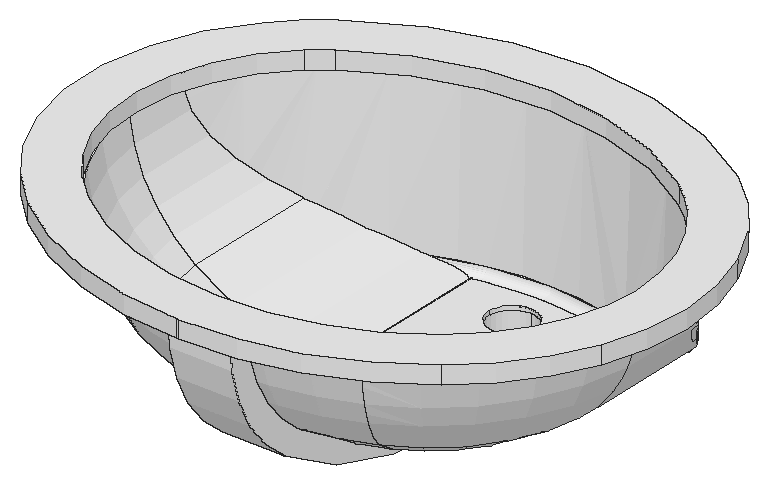
Revit family "Plumbing-Lavatories-Sloan-Valve-SS3001_", category Plumbing Fixtures, host Face, Revit 2019
Family settings
  Host = Face
  Round Connector Dimension = Use Diameter
  Part Type = Normal
  OmniClass Number = 23.45.05.14.14
  OmniClass Title = Sinks/Lavatories
  Cut with Voids When Loaded = Yes
  Shared = No
  Room Calculation Point = No
Parameters (values of type "SS-3001")
  Width = 19 1/2"  # constant formula
  Water Flow = 0 GPM
  WFU = 2
  Valve Pressure Drop = 0.00 psi
  URL = "www.sloanvalve.com"
  Sanitary Drain Connector Description = "Sanitary Drain Connector d1 1/4\""
  Sanitary Drain Connection Diameter = 1 1/4"  # constant formula
  Product data url = "https://bimobject.com/sloan_valve/product/ss-3001"
  Product Material = Sloan Valve - Vitreous China - White
  Product Guid = ""
  Part Number = "3873001"
  Model = "SS-3001"
  Manufacturer = "Sloan Valve"  # constant formula
  Keynote = "10000"
  Installation Offset from Top [instance] = 1"
  Hot Water Connector Description = "Hot Water Connector d3/8\""
  Hot Water Connection Diameter = 3/8"  # constant formula
  Height = 7 1/2"  # constant formula
  HWFU = 1.5
  Edition number = 1
  Description = "Vitreous China Undermount Lavatory."
  Depth = 16 1/2"  # constant formula
  Default Elevation = 0"
  Cold Water Connector Description = "Cold Water Connector d3/8\""
  Cold Water Connection Diameter = 3/8"  # constant formula
  CWFU = 1.5
  Assembly Code = "D2010400"
  ADA Compliant [instance] = 1 = 1  # yes
Types (4): name | Product Material | Part Number | Model | Description
  (no name) | Sloan Valve - Vitreous China - White | "3873001" | "SS-3001" | "Vitreous China Undermount Lavatory."
  SS-3001-CO | Sloan Valve - Vitreous China - White | "3873001T" | "SS-3001-CO" | "Carbon Offset, Vitreous China Undermount Lavatory"
  SS-3001-STG | Sloan Valve - Vitreous China - SloanTec Glaze White | "3873071" | "SS-3001-STG" | "Vitreous China Undermount Lavatory with SloanTec® Glaze."
  SS-3001 | Sloan Valve - Vitreous China - White | "3873001" | "SS-3001" | "Vitreous China Undermount Lavatory."
Reference planes (in)
  plane 1 "Center (Front/Back)": y = 0
  plane 2: z = 0
  plane 3 "Center (Left/Right)": x = 0
  plane 4: z = -7.08645
  plane 5: z = -7.08645
  plane 6: z = -6.08645
  plane 7: z = -6.08645
  plane 8: z = -1
  plane 9: z = 0
Forms (in)
  Extrusion 1, void
    sketch origin (0, 0, 0) x (1, 0, 0) y (0, 1, 0)
      loop
        arc (-5.59503, 4.90594) -> (-5.90096, 4.67406) -> (-6.19218, 4.42394) r 6.28796
        arc (-6.19218, 4.42394) -> (-8.10073, 0.72744) -> (-7.14649, -3.32177) r 6
        arc (-7.14649, -3.32177) -> (-6.50696, -4.14113) -> (-5.74892, -4.85227) r 6.73149
        arc (-5.74892, -4.85227) -> (-3.06382, -6.33084) -> (-0.03653, -6.81201) r 8.91065
        arc (-0.03653, -6.81201) -> (2.99075, -6.33084) -> (5.67586, -4.85227) r 8.91065
        arc (5.67586, -4.85227) -> (6.52473, -4.03961) -> (7.21933, -3.09171) r 6.73149
        arc (7.21933, -3.09171) -> (8.05711, 0.55416) -> (6.55779, 3.98145) r 5.96185
        arc (6.55779, 3.98145) -> (6.06547, 4.47237) -> (5.52196, 4.90594) r 6.28796
        arc (5.52196, 4.90594) -> (-0.03653, 6.68046) -> (-5.59503, 4.90594) r 9.59294
    from -1 to 27.28026
  Extrusion 2, void
    sketch origin (0, 0, 0) x (1, 0, 0) y (0, 1, 0)
      loop
        arc (9.08103, 2.86574) -> (7.97739, 4.69996) -> (6.41852, 6.16702) r 7.83527
        arc (6.41852, 6.16702) -> (-0.03653, 8.22777) -> (-6.49159, 6.16702) r 11.14025
        arc (-6.49159, 6.16702) -> (-7.22772, 5.57368) -> (-7.88701, 4.896) r 7.83527
        arc (-7.88701, 4.896) -> (-9.67687, 0.65513) -> (-8.65238, -3.83252) r 7.5
        arc (-8.65238, -3.83252) -> (-7.78481, -5.03269) -> (-6.71729, -6.0591) r 8.27879
        arc (-6.71729, -6.0591) -> (-3.57707, -7.79058) -> (-0.03653, -8.35947) r 10.45796
        arc (-0.03653, -8.35947) -> (3.504, -7.79058) -> (6.64422, -6.0591) r 10.45796
        arc (6.64422, -6.0591) -> (8.10431, -4.54489) -> (9.13565, -2.71159) r 8.27879
        arc (9.13565, -2.71159) -> (9.66615, 0.08254) -> (9.08103, 2.86574) r 7.25
    from -24 to -1
  Sweep 3, solid, material "Sloan Valve - Vitreous China - White" <- "Product Material"
    path origin (-0.03653, 8.14053, -1) x (1, 0, 0) y (0, 1, 0)
      loop
        line (9.75, -1.5) -> (9.75, -8.29447)
        arc (9.75, -8.29447) -> (8.17902, -12.56362) -> (4.70463, -15.5) r 8.90575
        arc (4.70463, -15.5) -> (2.42848, -16.27274) -> (0.03558, -16.50081) r 10.37283
        arc (0.03558, -16.50081) -> (0, -16.50044) -> (-0.03558, -16.50081) r 1.68637
        arc (-0.03558, -16.50081) -> (-2.42848, -16.27274) -> (-4.70463, -15.5) r 10.37283
        arc (-4.70463, -15.5) -> (-8.17902, -12.56362) -> (-9.75, -8.29447) r 8.90575
        line (-9.75, -8.29447) -> (-9.75, -1.5)
    profile origin (-0.00095, -8.36028, -1) x (0.0211, 0.999777, 0) y (0, 0, 1)
      loop
        arc (1.42147, -0.57039) -> (2.06271, -2.69479) -> (3.52131, -4.36712) r 5.27196
        arc (3.52131, -4.36712) -> (5.44859, -5.47297) -> (7.58423, -6.08645) r 9.23504
        line (7.58423, -6.08645) -> (7.58423, -5.95983)
        arc (7.58423, -5.95983) -> (5.48807, -5.35394) -> (3.59611, -4.26697) r 9.11004
        arc (3.59611, -4.26697) -> (2.17455, -2.63873) -> (1.54689, -0.57039) r 5.14696
        line (1.54689, -0.57039) -> (1.42147, -0.57039)
  Sweep 4, solid, material "Sloan Valve - Vitreous China - White" <- "Product Material"
    path origin (-0.03653, 8.14053, -1) x (1, 0, 0) y (0, 1, 0)
      loop
        arc (-9.75, -6.40266) -> (0, 0) -> (9.75, -6.40266) r 10.625
    profile origin (-0.03653, 8.14053, -1) x (0, 1, 0) y (0, 0, 1)
      loop
        line (-1.10258, -0.57039) -> (-1.22765, -0.57039) -> (-1.40633, -5.68711)
        arc (-1.40633, -5.68711) -> (-1.50065, -5.88233) -> (-1.70251, -5.96145) r 0.29705
        line (-1.70251, -5.96145) -> (-1.70251, -6.08645)
        arc (-1.70251, -6.08645) -> (-1.41467, -5.97307) -> (-1.28149, -5.69385) r 0.42205
        line (-1.28149, -5.69385) -> (-1.10258, -0.57039)
  Sweep 5, void
    path origin (-0.03653, 8.14053, -1) x (1, 0, 0) y (0, 1, 0)
      loop
        arc (-9.75, -6.40266) -> (0, 0) -> (9.75, -6.40266) r 10.625
    profile origin (-0.03653, 8.14053, -1) x (0, 1, 0) y (0, 0, 1)
      loop
        line (-1.10258, -0.57039) -> (-1.28149, -5.69385)
        arc (-1.28149, -5.69385) -> (-1.41467, -5.97307) -> (-1.70251, -6.08645) r 0.42205
        line (-1.70251, -6.08645) -> (1.70663, -6.08645) -> (1.89925, -0.57039) -> (-1.10258, -0.57039)
  Sweep 6, void
    path origin (-0.03653, 8.14053, -1) x (1, 0, 0) y (0, 1, 0)
      loop
        line (-9.75, -8.29447) -> (-9.75, -1.5)
    profile origin (-9.78653, -0.15393, -1) x (-1, 0, 0) y (0, 0, 1)
      loop
        arc (-1.42147, -0.57039) -> (-2.06271, -2.69479) -> (-3.52131, -4.36712) r 5.27196
        arc (-3.52131, -4.36712) -> (-5.44859, -5.47297) -> (-7.58423, -6.08645) r 9.23504
        line (-7.58423, -6.08645) -> (-0.96131, -6.08645) -> (-0.96131, -0.57039) -> (-1.42147, -0.57039)
  Sweep 7, void
    path origin (-0.03653, 8.14053, -1) x (-1, 0, 0) y (0, 1, 0)
      loop
        line (-9.75, -8.29447) -> (-9.75, -1.5)
    profile origin (9.71347, -0.15393, -1) x (-1, 0, 0) y (0, 0, 1)
      loop
        line (1.42147, -0.57039) -> (0.96131, -0.57039) -> (0.96131, -6.08645) -> (7.58423, -6.08645)
        arc (7.58423, -6.08645) -> (5.44859, -5.47297) -> (3.52131, -4.36712) r 9.23504
        arc (3.52131, -4.36712) -> (2.06271, -2.69479) -> (1.42147, -0.57039) r 5.27196
  Extrusion 8, solid, material "Sloan Valve - Vitreous China - White" <- "Product Material"
    sketch origin (-0.03653, 8.14053, -1) x (1, 0, 0) y (0, 1, 0)
      loop
        arc (0, -8.90726) -> (0.74276, -8.8758) -> (1.45082, -8.64921) r 2.7886
        arc (1.45082, -8.64921) -> (1.90608, -8.29303) -> (2.16577, -7.7766) r 1.32152
        line (2.16577, -7.7766) -> (2.16577, -1.96935)
        arc (2.16577, -1.96935) -> (0, -1.70251) -> (-2.16577, -1.96935) r 8.92249
        line (-2.16577, -1.96935) -> (-2.16577, -7.7766)
        arc (-2.16577, -7.7766) -> (-1.90608, -8.29303) -> (-1.45082, -8.64921) r 1.32152
        arc (-1.45082, -8.64921) -> (-0.74276, -8.8758) -> (0, -8.90726) r 2.7886
      loop
        circle (0, -3) r 0.75
    from -6.08645 to -5.95983
  Revolve 9, solid, material "Sloan Valve - Vitreous China - White" <- "Product Material"
    sketch origin (-0.03653, 8.14053, -1) x (0, 1, 0) y (0, 0, 1)
      loop
        line (-2.25, -7.5) -> (-1.9332, -7.5)
        arc (-1.9332, -7.5) -> (-1.80366, -7.44634) -> (-1.75, -7.3168) r 0.1832
        line (-1.75, -7.3168) -> (-1.75, -6.08645) -> (-2.25, -6.08645) -> (-2.25, -7.5)
      axis (-3, -6.08645) -> (-3, -7.5)
    angle from 0 to 360
  Extrusion 10, solid, material "Sloan Valve - Vitreous China - White" <- "Product Material"
    sketch origin (-1.03653, 8.14053, -1) x (0, 1, 0) y (0, 0, 1)
      loop
        arc (-8.96145, -6.02395) -> (-10.55167, -5.58158) -> (-12.04661, -4.88181) r 9.92648
        arc (-12.04661, -4.88181) -> (-12.09415, -4.85559) -> (-12.14257, -4.83102) r 1.58289
        arc (-12.14257, -4.83102) -> (-14.14174, -3.08642) -> (-14.98429, -0.57039) r 5.06398
        line (-14.98429, -0.57039) -> (-15.65847, -0.57039)
        arc (-15.65847, -0.57039) -> (-15.09549, -3.05023) -> (-13.42572, -4.96815) r 5.20962
        arc (-13.42572, -4.96815) -> (-11.33268, -6.12459) -> (-9.04718, -6.82788) r 11.61449
        arc (-9.04718, -6.82788) -> (-9.00405, -6.83521) -> (-8.9606, -6.8402) r 0.80917
        line (-8.9606, -6.8402) -> (-4.06667, -7.26836) -> (-4.06667, -6.02395) -> (-8.96145, -6.02395)
    from 0 to 2
  Extrusion 11, solid, material "Sloan Valve - Vitreous China - White" <- "Product Material"
    sketch origin (-0.03653, 8.14053, -1) x (1, 0, 0) y (0, 1, 0)
      loop
        arc (-6.45506, -1.97351) -> (-7.19118, -2.56685) -> (-7.85048, -3.24453) r 7.83527
        arc (-7.85048, -3.24453) -> (-9.64033, -7.4854) -> (-8.61585, -11.97305) r 7.5
        arc (-8.61585, -11.97305) -> (-7.74827, -13.17323) -> (-6.68076, -14.19963) r 8.27879
        arc (-6.68076, -14.19963) -> (-3.5578, -15.92515) -> (-0.03653, -16.50041) r 10.45796
        arc (-0.03653, -16.50041) -> (0, -16.50024) -> (0.03653, -16.50041) r 3.85074
        arc (0.03653, -16.50041) -> (3.5578, -15.92515) -> (6.68076, -14.19963) r 10.45796
        arc (6.68076, -14.19963) -> (8.14084, -12.68542) -> (9.17219, -10.85212) r 8.27879
        arc (9.17219, -10.85212) -> (9.70268, -8.05799) -> (9.11757, -5.27479) r 7.25
        arc (9.11757, -5.27479) -> (8.01393, -3.44057) -> (6.45506, -1.97351) r 7.83527
        arc (6.45506, -1.97351) -> (0, 0.08724) -> (-6.45506, -1.97351) r 11.14025
      loop
        arc (-6.15564, -3.71659) -> (-8.0642, -7.41309) -> (-7.10995, -11.4623) r 6
        arc (-7.10995, -11.4623) -> (-6.47043, -12.28166) -> (-5.71239, -12.9928) r 6.73149
        arc (-5.71239, -12.9928) -> (-3.04447, -14.46546) -> (-0.03635, -14.95302) r 8.91065
        arc (-0.03635, -14.95302) -> (0, -14.95281) -> (0.03635, -14.95302) r 3.25854
        arc (0.03635, -14.95302) -> (3.04447, -14.46546) -> (5.71239, -12.9928) r 8.91065
        arc (5.71239, -12.9928) -> (6.56126, -12.18015) -> (7.25587, -11.23224) r 6.73149
        arc (7.25587, -11.23224) -> (8.09365, -7.58637) -> (6.59432, -4.15908) r 5.96185
        arc (6.59432, -4.15908) -> (6.102, -3.66816) -> (5.55849, -3.23459) r 6.28796
        arc (5.55849, -3.23459) -> (0, -1.46007) -> (-5.55849, -3.23459) r 9.59294
        arc (-5.55849, -3.23459) -> (-5.86443, -3.46648) -> (-6.15564, -3.71659) r 6.28796
    from -0.57039 to 0
  Sweep 12, solid, material "Sloan Valve - Vitreous China - White" <- "Product Material", not visible
    path origin (-0.03653, 8.14053, 0) x (1, 0, 0) y (0, 1, 0)
      loop
        line (9.75, -1.5) -> (9.75, -8.29447)
        arc (9.75, -8.29447) -> (8.17902, -12.56362) -> (4.70463, -15.5) r 8.90575
        arc (4.70463, -15.5) -> (2.42848, -16.27274) -> (0.03558, -16.50081) r 10.37283
        arc (0.03558, -16.50081) -> (0, -16.50044) -> (-0.03558, -16.50081) r 1.68637
        arc (-0.03558, -16.50081) -> (-2.42848, -16.27274) -> (-4.70463, -15.5) r 10.37283
        arc (-4.70463, -15.5) -> (-8.17902, -12.56362) -> (-9.75, -8.29447) r 8.90575
        line (-9.75, -8.29447) -> (-9.75, -1.5)
    profile origin (-0.00095, -8.36028, 0) x (0.0211, 0.999777, 0) y (0, 0, 1)
      loop
        arc (1.42147, -0.57039) -> (2.06271, -2.69479) -> (3.52131, -4.36712) r 5.27196
        arc (3.52131, -4.36712) -> (5.44859, -5.47297) -> (7.58423, -6.08645) r 9.23504
        line (7.58423, -6.08645) -> (7.58423, -5.95983)
        arc (7.58423, -5.95983) -> (5.48807, -5.35394) -> (3.59611, -4.26697) r 9.11004
        arc (3.59611, -4.26697) -> (2.17455, -2.63873) -> (1.54689, -0.57039) r 5.14696
        line (1.54689, -0.57039) -> (1.42147, -0.57039)
  Sweep 13, solid, material "Sloan Valve - Vitreous China - White" <- "Product Material", not visible
    path origin (-0.03653, 8.14053, 0) x (1, 0, 0) y (0, 1, 0)
      loop
        arc (-9.75, -6.40266) -> (0, 0) -> (9.75, -6.40266) r 10.625
    profile origin (-0.03653, 8.14053, 0) x (0, 1, 0) y (0, 0, 1)
      loop
        line (-1.10258, -0.57039) -> (-1.22765, -0.57039) -> (-1.40633, -5.68711)
        arc (-1.40633, -5.68711) -> (-1.50065, -5.88233) -> (-1.70251, -5.96145) r 0.29705
        line (-1.70251, -5.96145) -> (-1.70251, -6.08645)
        arc (-1.70251, -6.08645) -> (-1.41467, -5.97307) -> (-1.28149, -5.69385) r 0.42205
        line (-1.28149, -5.69385) -> (-1.10258, -0.57039)
  Sweep 14, void, not visible
    path origin (-0.03653, 8.14053, 0) x (1, 0, 0) y (0, 1, 0)
      loop
        arc (-9.75, -6.40266) -> (0, 0) -> (9.75, -6.40266) r 10.625
    profile origin (-0.03653, 8.14053, 0) x (0, 1, 0) y (0, 0, 1)
      loop
        line (-1.10258, -0.57039) -> (-1.28149, -5.69385)
        arc (-1.28149, -5.69385) -> (-1.41467, -5.97307) -> (-1.70251, -6.08645) r 0.42205
        line (-1.70251, -6.08645) -> (1.70663, -6.08645) -> (1.89925, -0.57039) -> (-1.10258, -0.57039)
  Sweep 15, void, not visible
    path origin (-0.03653, 8.14053, 0) x (1, 0, 0) y (0, 1, 0)
      loop
        line (-9.75, -8.29447) -> (-9.75, -1.5)
    profile origin (-9.78653, -0.15393, 0) x (-1, 0, 0) y (0, 0, 1)
      loop
        arc (-1.42147, -0.57039) -> (-2.06271, -2.69479) -> (-3.52131, -4.36712) r 5.27196
        arc (-3.52131, -4.36712) -> (-5.44859, -5.47297) -> (-7.58423, -6.08645) r 9.23504
        line (-7.58423, -6.08645) -> (-0.96131, -6.08645) -> (-0.96131, -0.57039) -> (-1.42147, -0.57039)
  Sweep 16, void, not visible
    path origin (-0.03653, 8.14053, 0) x (-1, 0, 0) y (0, 1, 0)
      loop
        line (-9.75, -8.29447) -> (-9.75, -1.5)
    profile origin (9.71347, -0.15393, 0) x (-1, 0, 0) y (0, 0, 1)
      loop
        line (1.42147, -0.57039) -> (0.96131, -0.57039) -> (0.96131, -6.08645) -> (7.58423, -6.08645)
        arc (7.58423, -6.08645) -> (5.44859, -5.47297) -> (3.52131, -4.36712) r 9.23504
        arc (3.52131, -4.36712) -> (2.06271, -2.69479) -> (1.42147, -0.57039) r 5.27196
  Extrusion 17, solid, material "Sloan Valve - Vitreous China - White" <- "Product Material", not visible
    sketch origin (-0.03653, 8.14053, 0) x (1, 0, 0) y (0, 1, 0)
      loop
        arc (0, -8.90726) -> (0.74276, -8.8758) -> (1.45082, -8.64921) r 2.7886
        arc (1.45082, -8.64921) -> (1.90608, -8.29303) -> (2.16577, -7.7766) r 1.32152
        line (2.16577, -7.7766) -> (2.16577, -1.96935)
        arc (2.16577, -1.96935) -> (0, -1.70251) -> (-2.16577, -1.96935) r 8.92249
        line (-2.16577, -1.96935) -> (-2.16577, -7.7766)
        arc (-2.16577, -7.7766) -> (-1.90608, -8.29303) -> (-1.45082, -8.64921) r 1.32152
        arc (-1.45082, -8.64921) -> (-0.74276, -8.8758) -> (0, -8.90726) r 2.7886
      loop
        circle (0, -3) r 0.75
    from -6.08645 to -5.95983
  Revolve 18, solid, material "Sloan Valve - Vitreous China - White" <- "Product Material", not visible
    sketch origin (-0.03653, 8.14053, 0) x (0, 1, 0) y (0, 0, 1)
      loop
        line (-2.25, -7.5) -> (-1.9332, -7.5)
        arc (-1.9332, -7.5) -> (-1.80366, -7.44634) -> (-1.75, -7.3168) r 0.1832
        line (-1.75, -7.3168) -> (-1.75, -6.08645) -> (-2.25, -6.08645) -> (-2.25, -7.5)
      axis (-3, -6.08645) -> (-3, -7.5)
    angle from 0 to 360
  Extrusion 19, solid, material "Sloan Valve - Vitreous China - White" <- "Product Material", not visible
    sketch origin (-1.03653, 8.14053, 0) x (0, 1, 0) y (0, 0, 1)
      loop
        arc (-8.96145, -6.02395) -> (-10.55167, -5.58158) -> (-12.04661, -4.88181) r 9.92648
        arc (-12.04661, -4.88181) -> (-12.09415, -4.85559) -> (-12.14257, -4.83102) r 1.58289
        arc (-12.14257, -4.83102) -> (-14.14174, -3.08642) -> (-14.98429, -0.57039) r 5.06398
        line (-14.98429, -0.57039) -> (-15.65847, -0.57039)
        arc (-15.65847, -0.57039) -> (-15.09549, -3.05023) -> (-13.42572, -4.96815) r 5.20962
        arc (-13.42572, -4.96815) -> (-11.33268, -6.12459) -> (-9.04718, -6.82788) r 11.61449
        arc (-9.04718, -6.82788) -> (-9.00405, -6.83521) -> (-8.9606, -6.8402) r 0.80917
        line (-8.9606, -6.8402) -> (-4.06667, -7.26836) -> (-4.06667, -6.02395) -> (-8.96145, -6.02395)
    from 0 to 2
  Extrusion 20, solid, material "Sloan Valve - Vitreous China - White" <- "Product Material", not visible
    sketch origin (-0.03653, 8.14053, 0) x (1, 0, 0) y (0, 1, 0)
      loop
        arc (-6.45506, -1.97351) -> (-7.19118, -2.56685) -> (-7.85048, -3.24453) r 7.83527
        arc (-7.85048, -3.24453) -> (-9.64033, -7.4854) -> (-8.61585, -11.97305) r 7.5
        arc (-8.61585, -11.97305) -> (-7.74827, -13.17323) -> (-6.68076, -14.19963) r 8.27879
        arc (-6.68076, -14.19963) -> (-3.5578, -15.92515) -> (-0.03653, -16.50041) r 10.45796
        arc (-0.03653, -16.50041) -> (0, -16.50024) -> (0.03653, -16.50041) r 3.85074
        arc (0.03653, -16.50041) -> (3.5578, -15.92515) -> (6.68076, -14.19963) r 10.45796
        arc (6.68076, -14.19963) -> (8.14084, -12.68542) -> (9.17219, -10.85212) r 8.27879
        arc (9.17219, -10.85212) -> (9.70268, -8.05799) -> (9.11757, -5.27479) r 7.25
        arc (9.11757, -5.27479) -> (8.01393, -3.44057) -> (6.45506, -1.97351) r 7.83527
        arc (6.45506, -1.97351) -> (0, 0.08724) -> (-6.45506, -1.97351) r 11.14025
      loop
        arc (-6.15564, -3.71659) -> (-8.0642, -7.41309) -> (-7.10995, -11.4623) r 6
        arc (-7.10995, -11.4623) -> (-6.47043, -12.28166) -> (-5.71239, -12.9928) r 6.73149
        arc (-5.71239, -12.9928) -> (-3.04447, -14.46546) -> (-0.03635, -14.95302) r 8.91065
        arc (-0.03635, -14.95302) -> (0, -14.95281) -> (0.03635, -14.95302) r 3.25854
        arc (0.03635, -14.95302) -> (3.04447, -14.46546) -> (5.71239, -12.9928) r 8.91065
        arc (5.71239, -12.9928) -> (6.56126, -12.18015) -> (7.25587, -11.23224) r 6.73149
        arc (7.25587, -11.23224) -> (8.09365, -7.58637) -> (6.59432, -4.15908) r 5.96185
        arc (6.59432, -4.15908) -> (6.102, -3.66816) -> (5.55849, -3.23459) r 6.28796
        arc (5.55849, -3.23459) -> (0, -1.46007) -> (-5.55849, -3.23459) r 9.59294
        arc (-5.55849, -3.23459) -> (-5.86443, -3.46648) -> (-6.15564, -3.71659) r 6.28796
    from -0.57039 to 0
  Extrusion 21, solid, material "Sloan Valve - Vitreous China - White" <- "Product Material", not visible
    sketch origin (0.00099, 12.0625, 0.00028) x (1, 0, 0) y (0, 0, 1)
      loop
        circle (0, -12.75) r 0.625
      loop
        circle (-3.87663, -10.99523) r 0.1875
      loop
        circle (4, -11) r 0.1875
    from 0 to 0.0625
Cuts and joins
  Sweep 5 cuts Sweep 3
  Sweep 5, Sweep 6, Sweep 7 cuts Sweep 4
  Sweep 5 cuts Extrusion 11
Lines and regions (in)
  Masking region 1
    outline origin (0, 0, 0) x (1, 0, 0) y (0, 1, 0)
      loop
        arc (9.08133, 2.86526) -> (7.9777, 4.69948) -> (6.41882, 6.16654) r 7.83527
        arc (6.41882, 6.16654) -> (-0.03623, 8.22729) -> (-6.49129, 6.16654) r 11.14025
        arc (-6.49129, 6.16654) -> (-7.22742, 5.5732) -> (-7.88671, 4.89552) r 7.83527
        arc (-7.88671, 4.89552) -> (-9.67657, 0.65465) -> (-8.65208, -3.833) r 7.5
        arc (-8.65208, -3.833) -> (-7.78451, -5.03317) -> (-6.71699, -6.05958) r 8.27879
        arc (-6.71699, -6.05958) -> (-3.57677, -7.79106) -> (-0.03623, -8.35995) r 10.45796
        arc (-0.03623, -8.35995) -> (3.5043, -7.79106) -> (6.64452, -6.05958) r 10.45796
        arc (6.64452, -6.05958) -> (8.10461, -4.54537) -> (9.13595, -2.71207) r 8.27879
        arc (9.13595, -2.71207) -> (9.66645, 0.08206) -> (9.08133, 2.86526) r 7.25
  symbolic lines, detail levels fine
    curve 1: arc (-0.74557, 5.14164, 0) -> (0.00443, 5.89164, 0) -> (0.75443, 5.14164, 0) r 0.75
    curve 2: arc (0.75443, 5.14164, 0) -> (0.00443, 4.39164, 0) -> (-0.74557, 5.14164, 0) r 0.75
  symbolic lines, detail levels medium+fine
    curve 3: arc (-5.59503, 4.90594, 0) -> (-0.03653, 6.68046, 0) -> (5.52196, 4.90594, 0) r 9.59294
    curve 4: arc (-6.19218, 4.42394, 0) -> (-5.90096, 4.67406, 0) -> (-5.59503, 4.90594, 0) r 6.28796
    curve 5: arc (-7.14649, -3.32177, 0) -> (-8.10073, 0.72744, 0) -> (-6.19218, 4.42394, 0) r 6
    curve 6: arc (-5.74892, -4.85227, 0) -> (-6.50696, -4.14113, 0) -> (-7.14649, -3.32177, 0) r 6.73149
    curve 7: arc (-0.03653, -6.81201, 0) -> (-3.06382, -6.33084, 0) -> (-5.74892, -4.85227, 0) r 8.91065
    curve 8: arc (5.67586, -4.85227, 0) -> (2.99075, -6.33084, 0) -> (-0.03653, -6.81201, 0) r 8.91065
    curve 9: arc (7.21933, -3.09171, 0) -> (6.52473, -4.03961, 0) -> (5.67586, -4.85227, 0) r 6.73149
    curve 10: arc (6.55779, 3.98145, 0) -> (8.05711, 0.55416, 0) -> (7.21933, -3.09171, 0) r 5.96185
    curve 11: arc (5.52196, 4.90594, 0) -> (6.06547, 4.47237, 0) -> (6.55779, 3.98145, 0) r 6.28796
Dimensions and locks (in)
  "Installation Offset from Top": level to plane 8
  aligned and locked: plane 2 to host face
  aligned and locked: level to host face
  aligned and locked: plane 8 to Extrusion 2
  aligned and locked: Extrusion 1 to plane 8
Automatic sketch dimensions
  host sketch curve to host sketch curve = 96"  (x2)
  Sweep 3 sketch curve to Sweep 3 sketch curve = 8.86614"  (x2)
  Sweep 3 sketch curve to Sweep 3 sketch curve = 0.62941"  (x2)
  Sweep 3 sketch curve to Sweep 3 sketch curve = 0.88386"
  Sweep 3 sketch curve to Sweep 3 sketch curve = 0.50889"
  Sweep 3 sketch curve to Sweep 3 sketch curve = 9.89234"  (x2)
  Sweep 3 sketch curve to Sweep 3 sketch curve = 0.83897"
  Sweep 3 sketch curve to Sweep 3 sketch curve = 0"  (x9)
  Sweep 3 sketch curve to Sweep 3 sketch curve = 1.3252"
  Sweep 3 sketch curve to Sweep 3 sketch curve = 6.79447"  (x2)
  Sweep 3 sketch curve to profile plane = 1.42147"
  Sweep 3 sketch curve to Sweep 3 sketch curve = 0.12542"
  Sweep 3 sketch curve to profile plane = 0.14328"
  Sweep 3 sketch curve to Sweep 3 sketch curve = 5.12921"
  Sweep 3 sketch curve to Sweep 3 sketch curve = 0.90813"
  profile plane to Sweep 3 sketch curve = 3.0319"
  Sweep 3 sketch curve to Sweep 3 sketch curve = 2.37155"
  Sweep 3 sketch curve to profile plane = 0.57039"
  Sweep 3 sketch curve to Sweep 3 sketch curve = 1.69286"
  Sweep 3 sketch curve to Sweep 3 sketch curve = 0.12662"
  Sweep 4 sketch curve to Sweep 4 sketch curve = 9 3/4"  (x2)
  Sweep 4 sketch curve to Sweep 4 sketch curve = 4.22234"
  Sweep 4 sketch curve to Sweep 4 sketch curve = 0"  (x2)
  Sweep 4 sketch curve to plane 4 = 0"
  profile plane to Sweep 4 sketch curve = 1.70251"
  plane 4 to Sweep 4 sketch curve = 0.39934"
  Sweep 4 sketch curve to Sweep 4 sketch curve = 0.29618"
  plane 4 to Sweep 4 sketch curve = 0.39261"
  Sweep 4 sketch curve to Sweep 4 sketch curve = 0.12484"
  Sweep 4 sketch curve to profile plane = 0.57039"
  profile plane to Sweep 4 sketch curve = 1.22765"
  Sweep 4 sketch curve to Sweep 4 sketch curve = 0.12508"
  Sweep 5 sketch curve to Sweep 5 sketch curve = 9 3/4"  (x2)
  Sweep 5 sketch curve to Sweep 5 sketch curve = 4.22234"
  Sweep 5 sketch curve to plane 5 = 0"
  plane 5 to Sweep 5 sketch curve = 0.42205"
  profile plane to Sweep 5 sketch curve = 1.70251"
  plane 5 to Sweep 5 sketch curve = 0.39261"
  profile plane to Sweep 5 sketch curve = 1.10258"
  Sweep 5 sketch curve to profile plane = 1.70663"
  Sweep 5 sketch curve to profile plane = 0.57039"
  Sweep 5 sketch curve to profile plane = 1.89925"
  Sweep 6 sketch curve to Sweep 6 sketch curve = 6.79447"
  profile plane to Sweep 6 sketch curve = 3.0319"
  profile plane to Sweep 6 sketch curve = 9.04765"
  profile plane to Sweep 6 sketch curve = 7.58423"
  Sweep 6 sketch curve to profile plane = 0.14328"
  Sweep 6 sketch curve to Sweep 6 sketch curve = 2.37155"
  Sweep 6 sketch curve to profile plane = 0.57039"
  profile plane to Sweep 6 sketch curve = 1.42147"
  Sweep 6 sketch curve to Sweep 6 sketch curve = 0.46016"
  Sweep 6 sketch curve to Sweep 6 sketch curve = 1.71933"
  Sweep 7 sketch curve to Sweep 7 sketch curve = 6.79447"
  Sweep 7 sketch curve to profile plane = 0.96131"
  Sweep 7 sketch curve to Sweep 7 sketch curve = 0.46016"
  Sweep 7 sketch curve to profile plane = 0.14328"
  Sweep 7 sketch curve to Sweep 7 sketch curve = 5.25463"
  Sweep 7 sketch curve to Sweep 7 sketch curve = 0.90813"
  profile plane to Sweep 7 sketch curve = 3.0319"
  Sweep 7 sketch curve to Sweep 7 sketch curve = 2.37155"
  Sweep 7 sketch curve to profile plane = 0.57039"
  Sweep 7 sketch curve to Sweep 7 sketch curve = 1.71933"
  Extrusion 8 sketch curve to Extrusion 8 sketch curve = 1.28191"  (x2)
  Extrusion 8 sketch curve to Extrusion 8 sketch curve = 0.62941"  (x2)
  Extrusion 8 sketch curve to Extrusion 8 sketch curve = 0.88386"
  Extrusion 8 sketch curve to Extrusion 8 sketch curve = 2.16577"
  Extrusion 8 sketch curve to Extrusion 8 sketch curve = 0.50889"
  Extrusion 8 sketch curve to Extrusion 8 sketch curve = 2.8484"  (x2)
  Extrusion 8 sketch curve to Extrusion 8 sketch curve = 0.32111"  (x2)
  Extrusion 8 sketch curve to Extrusion 8 sketch curve = 1.3252"
  Extrusion 8 sketch curve to Extrusion 8 sketch curve = 0"  (x2)
  Extrusion 8 sketch curve to Extrusion 8 sketch curve = 3.13029"
  Extrusion 8 sketch curve to Extrusion 8 sketch curve = 1.03065"
  Extrusion 8 sketch curve to Extrusion 8 sketch curve = 1.45082"
  Revolve 9 sketch curve to plane 8 = 6.08645"
  Revolve 9 sketch curve to Revolve 9 sketch curve = 0.3168"
  Revolve 9 sketch curve to Revolve 9 sketch curve = 1/2"
  Revolve 9 sketch curve to Revolve 9 sketch curve = 1.23034"
  Revolve 9 sketch curve to Revolve 9 sketch curve = 3/4"
  Revolve 9 sketch curve to Revolve 9 sketch curve = 0.62964"
  Revolve 9 sketch curve to Revolve 9 sketch curve = 1/4"
  Extrusion 10 sketch curve to plane 8 = 0.57039"
  Extrusion 10 sketch curve to Extrusion 10 sketch curve = 0.67418"
  Extrusion 10 sketch curve to Extrusion 10 sketch curve = 2.14976"
  Extrusion 10 sketch curve to plane 8 = 0.69184"
  Extrusion 10 sketch curve to Extrusion 10 sketch curve = 4.53403"
  Extrusion 10 sketch curve to plane 8 = 0.27654"
  Extrusion 10 sketch curve to Extrusion 10 sketch curve = 0.52142"
  Extrusion 10 sketch curve to Extrusion 10 sketch curve = 3.87309"
  Extrusion 10 sketch curve to plane 8 = 6.8402"
  Extrusion 10 sketch curve to Extrusion 10 sketch curve = 0.00085"
  Extrusion 10 sketch curve to Extrusion 10 sketch curve = 0.07138"
  Extrusion 10 sketch curve to Extrusion 10 sketch curve = 2.82344"
  Extrusion 10 sketch curve to Extrusion 10 sketch curve = 0.31325"
  Extrusion 10 sketch curve to plane 8 = 7.26836"
  Extrusion 10 sketch curve to Extrusion 10 sketch curve = 4.89393"
  Extrusion 10 sketch curve to Extrusion 10 sketch curve = 0.58555"
  Extrusion 10 sketch curve to Extrusion 10 sketch curve = 0.80609"
  Extrusion 10 sketch curve to Extrusion 10 sketch curve = 1.24441"
  plane 8 to Extrusion 10 sketch curve = 3.72746"
  Extrusion 10 sketch curve to Extrusion 10 sketch curve = 0.83812"
  Extrusion 10 sketch curve to Extrusion 10 sketch curve = 0"  (x2)
  Extrusion 11 sketch curve to Extrusion 11 sketch curve = 0"  (x33)
  Extrusion 11 sketch curve to Extrusion 11 sketch curve = 0.05978"
  Extrusion 11 sketch curve to Extrusion 11 sketch curve = 0.1942"
  Extrusion 11 sketch curve to Extrusion 11 sketch curve = 0.60966"
  Extrusion 11 sketch curve to Extrusion 11 sketch curve = 1.36381"  (x2)
  Extrusion 11 sketch curve to Extrusion 11 sketch curve = 1.91502"
  Extrusion 11 sketch curve to Extrusion 11 sketch curve = 0.27151"
  Extrusion 11 sketch curve to Extrusion 11 sketch curve = 0.41546"
  Extrusion 11 sketch curve to Extrusion 11 sketch curve = 0.24268"
  Extrusion 11 sketch curve to Extrusion 11 sketch curve = 0.29533"
  Extrusion 11 sketch curve to Extrusion 11 sketch curve = 2.13962"
  Extrusion 11 sketch curve to Extrusion 11 sketch curve = 7.15834"
  Extrusion 11 sketch curve to Extrusion 11 sketch curve = 2.69362"  (x2)
  Extrusion 11 sketch curve to Extrusion 11 sketch curve = 0.21262"
  Extrusion 11 sketch curve to Extrusion 11 sketch curve = 0.21784"
  Extrusion 11 sketch curve to Extrusion 11 sketch curve = 0.00624"
  Extrusion 11 sketch curve to Extrusion 11 sketch curve = 0.01257"
  Extrusion 11 sketch curve to Extrusion 11 sketch curve = 0.61683"
  Extrusion 11 sketch curve to Extrusion 11 sketch curve = 0.40421"
  Extrusion 11 sketch curve to Extrusion 11 sketch curve = 1.69965"
  Extrusion 11 sketch curve to Extrusion 11 sketch curve = 3.38949"
  Extrusion 11 sketch curve to Extrusion 11 sketch curve = 3.79737"
  Extrusion 11 sketch curve to Extrusion 11 sketch curve = 0.89657"
  Extrusion 11 sketch curve to Extrusion 11 sketch curve = 0.96837"
  Sweep 12 sketch curve to Sweep 12 sketch curve = 8.86614"  (x2)
  Sweep 12 sketch curve to Sweep 12 sketch curve = 0.62941"  (x2)
  Sweep 12 sketch curve to Sweep 12 sketch curve = 0.88386"
  Sweep 12 sketch curve to Sweep 12 sketch curve = 0.50889"
  Sweep 12 sketch curve to Sweep 12 sketch curve = 9.89234"  (x2)
  Sweep 12 sketch curve to Sweep 12 sketch curve = 0.83897"
  Sweep 12 sketch curve to Sweep 12 sketch curve = 0"  (x9)
  Sweep 12 sketch curve to Sweep 12 sketch curve = 1.3252"
  Sweep 12 sketch curve to Sweep 12 sketch curve = 6.79447"  (x2)
  Sweep 12 sketch curve to profile plane = 1.42147"
  Sweep 12 sketch curve to Sweep 12 sketch curve = 0.12542"
  Sweep 12 sketch curve to profile plane = 0.14328"
  Sweep 12 sketch curve to Sweep 12 sketch curve = 5.12921"
  Sweep 12 sketch curve to Sweep 12 sketch curve = 0.90813"
  profile plane to Sweep 12 sketch curve = 3.0319"
  Sweep 12 sketch curve to Sweep 12 sketch curve = 2.37155"
  Sweep 12 sketch curve to profile plane = 0.57039"
  Sweep 12 sketch curve to Sweep 12 sketch curve = 1.69286"
  Sweep 12 sketch curve to Sweep 12 sketch curve = 0.12662"
  Sweep 13 sketch curve to Sweep 13 sketch curve = 9 3/4"  (x2)
  Sweep 13 sketch curve to Sweep 13 sketch curve = 4.22234"
  Sweep 13 sketch curve to Sweep 13 sketch curve = 0"  (x2)
  Sweep 13 sketch curve to plane 6 = 0"
  profile plane to Sweep 13 sketch curve = 1.70251"
  plane 6 to Sweep 13 sketch curve = 0.39934"
  Sweep 13 sketch curve to Sweep 13 sketch curve = 0.29618"
  plane 6 to Sweep 13 sketch curve = 0.39261"
  Sweep 13 sketch curve to Sweep 13 sketch curve = 0.12484"
  Sweep 13 sketch curve to profile plane = 0.57039"
  profile plane to Sweep 13 sketch curve = 1.22765"
  Sweep 13 sketch curve to Sweep 13 sketch curve = 0.12508"
  Sweep 14 sketch curve to Sweep 14 sketch curve = 9 3/4"  (x2)
  Sweep 14 sketch curve to Sweep 14 sketch curve = 4.22234"
  Sweep 14 sketch curve to plane 7 = 0"
  plane 7 to Sweep 14 sketch curve = 0.42205"
  profile plane to Sweep 14 sketch curve = 1.70251"
  plane 7 to Sweep 14 sketch curve = 0.39261"
  profile plane to Sweep 14 sketch curve = 1.10258"
  Sweep 14 sketch curve to profile plane = 1.70663"
  Sweep 14 sketch curve to profile plane = 0.57039"
  Sweep 14 sketch curve to profile plane = 1.89925"
  Sweep 15 sketch curve to Sweep 15 sketch curve = 6.79447"
  profile plane to Sweep 15 sketch curve = 3.0319"
  profile plane to Sweep 15 sketch curve = 9.04765"
  profile plane to Sweep 15 sketch curve = 7.58423"
  Sweep 15 sketch curve to profile plane = 0.14328"
  Sweep 15 sketch curve to Sweep 15 sketch curve = 2.37155"
  Sweep 15 sketch curve to profile plane = 0.57039"
  profile plane to Sweep 15 sketch curve = 1.42147"
  Sweep 15 sketch curve to Sweep 15 sketch curve = 0.46016"
  Sweep 15 sketch curve to Sweep 15 sketch curve = 1.71933"
  Sweep 16 sketch curve to Sweep 16 sketch curve = 6.79447"
  Sweep 16 sketch curve to profile plane = 0.96131"
  Sweep 16 sketch curve to Sweep 16 sketch curve = 0.46016"
  Sweep 16 sketch curve to profile plane = 0.14328"
  Sweep 16 sketch curve to Sweep 16 sketch curve = 5.25463"
  Sweep 16 sketch curve to Sweep 16 sketch curve = 0.90813"
  profile plane to Sweep 16 sketch curve = 3.0319"
  Sweep 16 sketch curve to Sweep 16 sketch curve = 2.37155"
  Sweep 16 sketch curve to profile plane = 0.57039"
  Sweep 16 sketch curve to Sweep 16 sketch curve = 1.71933"
  Extrusion 17 sketch curve to Extrusion 17 sketch curve = 1.28191"  (x2)
  Extrusion 17 sketch curve to Extrusion 17 sketch curve = 0.62941"  (x2)
  Extrusion 17 sketch curve to Extrusion 17 sketch curve = 0.88386"
  Extrusion 17 sketch curve to Extrusion 17 sketch curve = 2.16577"
  Extrusion 17 sketch curve to Extrusion 17 sketch curve = 0.50889"
  Extrusion 17 sketch curve to Extrusion 17 sketch curve = 2.8484"  (x2)
  Extrusion 17 sketch curve to Extrusion 17 sketch curve = 0.32111"  (x2)
  Extrusion 17 sketch curve to Extrusion 17 sketch curve = 1.3252"
  Extrusion 17 sketch curve to Extrusion 17 sketch curve = 0"  (x2)
  Extrusion 17 sketch curve to Extrusion 17 sketch curve = 3.13029"
  Extrusion 17 sketch curve to Extrusion 17 sketch curve = 1.03065"
  Extrusion 17 sketch curve to Extrusion 17 sketch curve = 1.45082"
  Revolve 18 sketch curve to plane 9 = 6.08645"
  Revolve 18 sketch curve to Revolve 18 sketch curve = 0.3168"
  Revolve 18 sketch curve to Revolve 18 sketch curve = 1/2"
  Revolve 18 sketch curve to Revolve 18 sketch curve = 1.23034"
  Revolve 18 sketch curve to Revolve 18 sketch curve = 3/4"
  Revolve 18 sketch curve to Revolve 18 sketch curve = 0.62964"
  Revolve 18 sketch curve to Revolve 18 sketch curve = 1/4"
  Extrusion 19 sketch curve to plane 9 = 0.57039"
  Extrusion 19 sketch curve to Extrusion 19 sketch curve = 0.67418"
  Extrusion 19 sketch curve to Extrusion 19 sketch curve = 2.14976"
  Extrusion 19 sketch curve to plane 9 = 0.69184"
  Extrusion 19 sketch curve to Extrusion 19 sketch curve = 4.53403"
  Extrusion 19 sketch curve to plane 9 = 0.27654"
  Extrusion 19 sketch curve to Extrusion 19 sketch curve = 0.52142"
  Extrusion 19 sketch curve to Extrusion 19 sketch curve = 3.87309"
  Extrusion 19 sketch curve to plane 9 = 6.8402"
  Extrusion 19 sketch curve to Extrusion 19 sketch curve = 0.00085"
  Extrusion 19 sketch curve to Extrusion 19 sketch curve = 0.07138"
  Extrusion 19 sketch curve to Extrusion 19 sketch curve = 2.82344"
  Extrusion 19 sketch curve to Extrusion 19 sketch curve = 0.31325"
  Extrusion 19 sketch curve to plane 9 = 7.26836"
  Extrusion 19 sketch curve to Extrusion 19 sketch curve = 4.89393"
  Extrusion 19 sketch curve to Extrusion 19 sketch curve = 0.58555"
  Extrusion 19 sketch curve to Extrusion 19 sketch curve = 0.80609"
  Extrusion 19 sketch curve to Extrusion 19 sketch curve = 1.24441"
  plane 9 to Extrusion 19 sketch curve = 3.72746"
  Extrusion 19 sketch curve to Extrusion 19 sketch curve = 0.83812"
  Extrusion 19 sketch curve to Extrusion 19 sketch curve = 0"  (x2)
  Extrusion 20 sketch curve to Extrusion 20 sketch curve = 0"  (x33)
  Extrusion 20 sketch curve to Extrusion 20 sketch curve = 0.05978"
  Extrusion 20 sketch curve to Extrusion 20 sketch curve = 0.1942"
  Extrusion 20 sketch curve to Extrusion 20 sketch curve = 0.60966"
  Extrusion 20 sketch curve to Extrusion 20 sketch curve = 1.36381"  (x2)
  Extrusion 20 sketch curve to Extrusion 20 sketch curve = 1.91502"
  Extrusion 20 sketch curve to Extrusion 20 sketch curve = 0.27151"
  Extrusion 20 sketch curve to Extrusion 20 sketch curve = 0.41546"
  Extrusion 20 sketch curve to Extrusion 20 sketch curve = 0.24268"
  Extrusion 20 sketch curve to Extrusion 20 sketch curve = 0.29533"
  Extrusion 20 sketch curve to Extrusion 20 sketch curve = 2.13962"
  Extrusion 20 sketch curve to Extrusion 20 sketch curve = 7.15834"
  Extrusion 20 sketch curve to Extrusion 20 sketch curve = 2.69362"  (x2)
  Extrusion 20 sketch curve to Extrusion 20 sketch curve = 0.21262"
  Extrusion 20 sketch curve to Extrusion 20 sketch curve = 0.21784"
  Extrusion 20 sketch curve to Extrusion 20 sketch curve = 0.00624"
  Extrusion 20 sketch curve to Extrusion 20 sketch curve = 0.01257"
  Extrusion 20 sketch curve to Extrusion 20 sketch curve = 0.61683"
  Extrusion 20 sketch curve to Extrusion 20 sketch curve = 0.40421"
  Extrusion 20 sketch curve to Extrusion 20 sketch curve = 1.69965"
  Extrusion 20 sketch curve to Extrusion 20 sketch curve = 3.38949"
  Extrusion 20 sketch curve to Extrusion 20 sketch curve = 3.79737"
  Extrusion 20 sketch curve to Extrusion 20 sketch curve = 0.89657"
  Extrusion 20 sketch curve to Extrusion 20 sketch curve = 0.96837"
  Extrusion 1 sketch curve to plane 3 "Center (Left/Right)" = 0.03653"  (x2)
  plane 1 "Center (Front/Back)" to Extrusion 1 sketch curve = 0.21887"  (x2)
  plane 3 "Center (Left/Right)" to Extrusion 1 sketch curve = 1.87849"
  plane 1 "Center (Front/Back)" to Extrusion 1 sketch curve = 2.91248"
  Extrusion 1 sketch curve to plane 3 "Center (Left/Right)" = 5.59503"
  Extrusion 1 sketch curve to plane 1 "Center (Front/Back)" = 4.90594"
  Extrusion 1 sketch curve to Extrusion 1 sketch curve = 0"  (x8)
  Extrusion 1 sketch curve to Extrusion 1 sketch curve = 1.03583"
  plane 1 "Center (Front/Back)" to Extrusion 1 sketch curve = 0.00102"
  plane 1 "Center (Front/Back)" to Extrusion 1 sketch curve = 3.09171"
  Extrusion 1 sketch curve to Extrusion 1 sketch curve = 0.59715"
  plane 1 "Center (Front/Back)" to Extrusion 1 sketch curve = 0.00624"
  Extrusion 1 sketch curve to Extrusion 1 sketch curve = 5.00073"
  Extrusion 1 sketch curve to plane 1 "Center (Front/Back)" = 0.39797"
  Extrusion 1 sketch curve to Extrusion 1 sketch curve = 1.39756"
  Extrusion 1 sketch curve to plane 3 "Center (Left/Right)" = 0.17229"
  plane 3 "Center (Left/Right)" to Extrusion 1 sketch curve = 0.09922"
  Extrusion 1 sketch curve to Extrusion 1 sketch curve = 1.54348"
  Extrusion 21 sketch curve to plane 3 "Center (Left/Right)" = 3.87564"
  plane 3 "Center (Left/Right)" to Extrusion 21 sketch curve = 0.00099"
  plane 3 "Center (Left/Right)" to Extrusion 21 sketch curve = 4.00099"
  Extrusion 21 sketch curve to plane 8 = 11.74972"
  Extrusion 21 sketch curve to Extrusion 21 sketch curve = 1 3/4"
  Extrusion 21 sketch curve to Extrusion 21 sketch curve = 1.75477"
  plane 3 "Center (Left/Right)" to Extrusion 2 sketch curve = 0.09922"
  Extrusion 2 sketch curve to plane 1 "Center (Front/Back)" = 0.39797"  (x2)
  plane 3 "Center (Left/Right)" to Extrusion 2 sketch curve = 1.46303"
  plane 1 "Center (Front/Back)" to Extrusion 2 sketch curve = 0.21887"  (x2)
  Extrusion 2 sketch curve to Extrusion 2 sketch curve = 0.41546"  (x2)
  Extrusion 2 sketch curve to plane 1 "Center (Front/Back)" = 0.01155"
  Extrusion 2 sketch curve to Extrusion 2 sketch curve = 0.53801"
  plane 1 "Center (Front/Back)" to Extrusion 2 sketch curve = 6.0591"
  Extrusion 2 sketch curve to Extrusion 2 sketch curve = 0"  (x7)
  Extrusion 2 sketch curve to plane 1 "Center (Front/Back)" = 6.16702"  (x2)
  plane 1 "Center (Front/Back)" to Extrusion 2 sketch curve = 0"
  Extrusion 2 sketch curve to plane 3 "Center (Left/Right)" = 0.03653"  (x2)
  Extrusion 2 sketch curve to plane 3 "Center (Left/Right)" = 0.17229"
  Extrusion 2 sketch curve to plane 1 "Center (Front/Back)" = 2.09761"
  Extrusion 2 sketch curve to plane 3 "Center (Left/Right)" = 1.5361"
  Extrusion 2 sketch curve to Extrusion 2 sketch curve = 0.25398"
  plane 1 "Center (Front/Back)" to Masking region 1 sketch curve = 0.00048"
  Masking region 1 sketch curve to plane 3 "Center (Left/Right)" = 2.20523"
  plane 1 "Center (Front/Back)" to Masking region 1 sketch curve = 0.21934"  (x2)
  Masking region 1 sketch curve to Masking region 1 sketch curve = 0.25398"
  Masking region 1 sketch curve to plane 1 "Center (Front/Back)" = 0.39749"  (x2)
  Masking region 1 sketch curve to Masking region 1 sketch curve = 0.41546"  (x2)
  Masking region 1 sketch curve to plane 3 "Center (Left/Right)" = 0.17199"
  Masking region 1 sketch curve to plane 3 "Center (Left/Right)" = 0.03623"  (x2)
  plane 3 "Center (Left/Right)" to Masking region 1 sketch curve = 0.09952"
  plane 3 "Center (Left/Right)" to Masking region 1 sketch curve = 1.46333"
  Masking region 1 sketch curve to plane 1 "Center (Front/Back)" = 0.01107"
  Masking region 1 sketch curve to Masking region 1 sketch curve = 0.53801"
  plane 1 "Center (Front/Back)" to Masking region 1 sketch curve = 2.91296"
  Masking region 1 sketch curve to plane 1 "Center (Front/Back)" = 2.09713"
  Masking region 1 sketch curve to Masking region 1 sketch curve = 0"  (x7)
  Masking region 1 sketch curve to plane 1 "Center (Front/Back)" = 6.16654"
  plane 1 "Center (Front/Back)" to Masking region 1 sketch curve = 6.05958"
  plane 3 "Center (Left/Right)" to curve 2 = 0.00443"
  curve 2 to plane 3 "Center (Left/Right)" = 0.74557"
  curve 2 to plane 1 "Center (Front/Back)" = 5.14164"
  plane 1 "Center (Front/Back)" to curve 4 = 0.21887"
  curve 4 to plane 3 "Center (Left/Right)" = 1.95156"
  curve 3 to plane 3 "Center (Left/Right)" = 0.03653"
  plane 1 "Center (Front/Back)" to curve 3 = 2.91248"
  curve 4 to curve 2 = 4.84945"
  curve 3 to curve 4 = 0"
  curve 4 to curve 3 = 0.59715"
  curve 1 to curve 3 = 4.76753"
  plane 1 "Center (Front/Back)" to curve 5 = 0.00624"
  curve 5 to curve 5 = 5.00073"
  curve 5 to curve 4 = 0"
  curve 6 to plane 1 "Center (Front/Back)" = 0.39797"
  curve 6 to curve 5 = 0"
  curve 5 to curve 6 = 1.39756"
  curve 7 to plane 3 "Center (Left/Right)" = 0.17229"
  curve 7 to curve 6 = 0"
  curve 7 to plane 3 "Center (Left/Right)" = 0.03653"
  plane 3 "Center (Left/Right)" to curve 8 = 0.09922"
  curve 7 to curve 8 = 0"
  plane 1 "Center (Front/Back)" to curve 8 = 4.85227"
  curve 9 to plane 1 "Center (Front/Back)" = 0.39797"
  curve 9 to curve 8 = 0"
  curve 8 to curve 9 = 1.54348"
  plane 1 "Center (Front/Back)" to curve 10 = 0.00102"
  curve 3 to curve 10 = 1.03583"
  curve 10 to curve 9 = 0"
  curve 11 to curve 3 = 0"
  radius of Extrusion 8 sketch curve = 3/4"
  radius of Extrusion 17 sketch curve = 3/4"
  radius of Extrusion 21 sketch curve = 5/8"
  radius of Extrusion 21 sketch curve = 3/16"  (x2)
Connectors (in)
  piping at (-3.87564, 12, -10.99495), diameter 0.375, driven by "CWFU", driven by "Hot Water Connection Diameter", driven by "Water Flow", driven by "Valve Pressure Drop", driven by "Hot Water Connector Description"
    settings: on Extrusion 21, index 4, connector inside diameter 3/8", connector length 0", flow factor 0, pipe flow 0 GPM, pressure drop 0.00 psi, fitting loss kfactor 0, connector angle 0.00°, fixture units 1.5, engagement length 0", angle of deflection 0.00°, flow configuration 3, flow direction 1, fitting loss method 4, system type 19, joint type 0, gender type 0, connector reference index -1, connector utility 0, adjustable connector no, is connector primary yes, connector description "Hot Water Connector d3/8\""
  piping at (4.00099, 12, -10.99972), diameter 0.375, driven by "HWFU", driven by "Water Flow", driven by "Valve Pressure Drop", driven by "Cold Water Connection Diameter", driven by "Cold Water Connector Description"
    settings: on Extrusion 21, index 5, connector inside diameter 3/8", connector length 0", flow factor 0, pipe flow 0 GPM, pressure drop 0.00 psi, fitting loss kfactor 0, connector angle 0.00°, fixture units 1.5, engagement length 0", angle of deflection 0.00°, flow configuration 3, flow direction 1, fitting loss method 4, system type 20, joint type 0, gender type 0, connector reference index -1, connector utility 0, adjustable connector no, is connector primary no, connector description "Cold Water Connector d3/8\""
  piping at (0.00099, 12, -12.74972), diameter 1.25, driven by "WFU", driven by "Sanitary Drain Connection Diameter", driven by "Sanitary Drain Connector Description"
    settings: on Extrusion 21, index 6, connector inside diameter 1 1/4", connector length 0", flow factor 0, pipe flow 0 GPM, pressure drop 0.00 psi, fitting loss kfactor 0, connector angle 0.00°, fixture units 2, engagement length 0", angle of deflection 0.00°, flow configuration 3, flow direction 2, fitting loss method 0, system type 16, joint type 0, gender type 0, connector reference index -1, connector utility 0, adjustable connector yes, is connector primary no, connector description "Sanitary Drain Connector d1 1/4\""
